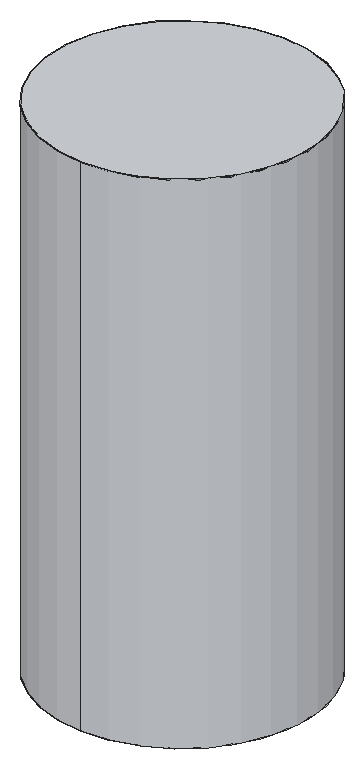
Revit family "FK070-8x16-Z", category Furniture Systems, Revit 2019
Family settings
  Round Connector Dimension = Use Diameter
  Part Type = Normal
  Work Plane-Based = No
  Always vertical = Yes
  Cut with Voids When Loaded = No
  Shared = No
  Room Calculation Point = No
Parameters (values of type "Cylinder, 8Dia x 16H, Zippered")
  URL = "https://fomcore.com/"
  Side Fabric = none
  Seat Fabric = none
  Model = "FK070-8x16-Z"
  Manufacturer = "FOMCORE"
  Description = "Lil Explorer - Cylinder"
Reference planes (in)
  plane 1 "Center F/B": y = 0
  plane 2: z = 0
  plane 3 "Center L/R": x = 0
  plane 4: y = 3.97809
  plane 5: x = 4
  plane 6: x = -4
  plane 7: y = -3.97809
  plane 8: z = 16
Forms (in)
  Blend 1, solid, material <- "Seat Fabric"
    base sketch origin (0, 0, 0) x (1, 0, 0) y (0, 1, 0)
      loop
        circle (0, 0) r 3.97809
    top sketch origin (0, 0, 0) x (1, 0, 0) y (0, 1, 0)
      loop
        circle (0, 0) r 3.82783
    from 0 to 0.23324
  Blend 2, solid, material <- "Seat Fabric"
    base sketch origin (0, 0, 16) x (0, -1, 0) y (1, 0, 0)
      loop
        circle (0, 0) r 3.97809
    top sketch origin (0, 0, 16) x (0, -1, 0) y (1, 0, 0)
      loop
        circle (0, 0) r 3.82783
    from 0 to -0.25
  Sweep 3, solid, material <- "Side Fabric"
    path origin (0, 0, 0) x (1, 0, 0) y (0, 1, 0)
      loop
        circle (0, 0) r 3.97809
    profile origin (-3.97809, 0, 0) x (1, 0, 0) y (0, 0, 1)
      loop
        line (0, 16) -> (0, 0) -> (0.15026, 0.23324) -> (0.15026, 15.75) -> (0, 16)
Dimensions and locks (in)
  plane 6 to plane 5 = 0' - 8"
  equal spacing: plane 6, plane 3 "Center L/R", plane 5
  plane 4 to plane 7 = 0' - 7.95618"
  equal spacing: plane 4, plane 1 "Center F/B", plane 7
  plane 8 to level = 1' - 4"
  aligned and locked: level to plane 2
Automatic sketch dimensions
  plane 1 "Center F/B" to Blend 1 sketch curve = 0' - 0"  (x2)
  Blend 1 sketch curve to plane 3 "Center L/R" = 0' - 0"  (x2)
  plane 1 "Center F/B" to Blend 2 sketch curve = 0' - 0"  (x2)
  Blend 2 sketch curve to plane 3 "Center L/R" = 0' - 0"  (x2)
  Sweep 3 sketch curve to Sweep 3 sketch curve = 0' - 0"  (x2)
  Sweep 3 sketch curve to plane 3 "Center L/R" = 0' - 0"
  plane 7 to Sweep 3 sketch curve = 0' - 0"
  plane 1 "Center F/B" to Sweep 3 sketch curve = 0' - 0"
  Sweep 3 sketch curve to level = 0' - 0"
  profile plane to Sweep 3 sketch curve = 0' - 0"
  Sweep 3 sketch curve to profile plane = 0' - 0.15026"
  level to Sweep 3 sketch curve = 0' - 0.23324"
  Sweep 3 sketch curve to Sweep 3 sketch curve = 1' - 3.51676"
  Sweep 3 sketch curve to Sweep 3 sketch curve = 0' - 0 1/4"
  radius of Blend 1 sketch curve = 0' - 3.97809"
  radius of Blend 1 sketch curve = 0' - 3.82783"
  radius of Blend 2 sketch curve = 0' - 3.97809"
  radius of Blend 2 sketch curve = 0' - 3.82783"
